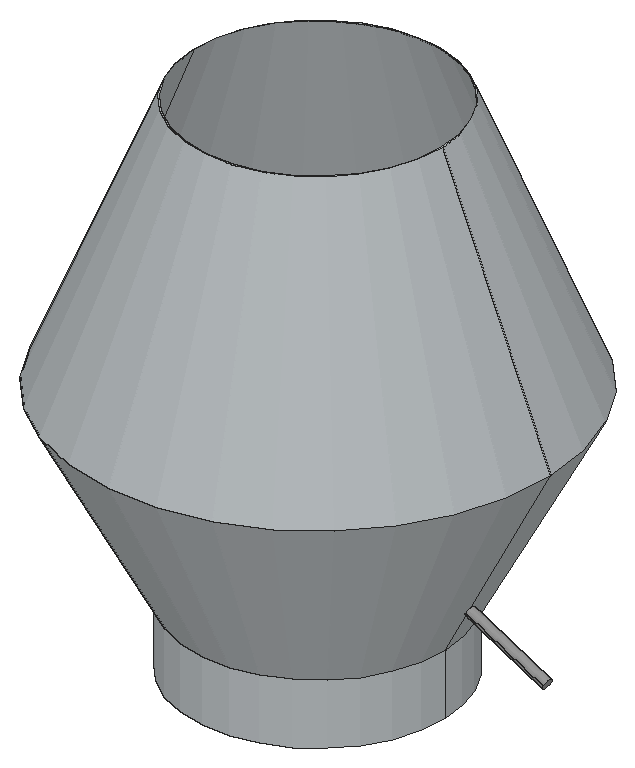
Revit family "NLRS_57_AIR_UN_exhaust-deflektor-hood vdk_LT_velu", category Air Terminals, Revit 2019
Family settings
  Round Connector Dimension = Use Diameter
  Part Type = Normal
  Work Plane-Based = No
  Always vertical = No
  Cut with Voids When Loaded = No
  Shared = No
  Room Calculation Point = No
Parameters (values of type "Deflectorkap")
  VELU_Connector_Max_Offset [instance] = if(SACS_Diameter < 355 mm, 100 mm, if(SACS_Diameter < 710 mm, 150 mm, 200 mm)) - 50 mm  # 100 mm
  VELU_Prijs_Datum [instance] = size_lookup(LT, "Date", "NB", SACS_Diameter)  # "01-02-2022"
  VELU_Foutmelding [instance] = if(not(NLRS_M_c01_diameter = SACS_Diameter), "Niet leverbare kanaalmaat!", " ")  # " "
  VELU_Diameter1 [instance] = SACS_Diameter  # 630 mm
  VELU_Connector_Offset [instance] = 0 mm
  VELU_Bruto_Prijs [instance] = size_lookup(LT, "Product_Cost", 0, SACS_Diameter)  # 892.85
  VELU_Article_Code [instance] = size_lookup(LT, "", "NB", SACS_Diameter)  # "5060002889"
  URL = "https://velu.nl/producten/"
  SACS_Z_Offset [instance] = SACS_Diameter3 / 2  # 12 mm
  SACS_Show_MF [instance] = (SACS_Diameter > 630 mm)  # no
  SACS_Length_Z [instance] = size_lookup(LT, "B", 100 mm, SACS_Diameter) / 4  # 190 mm
  SACS_Internal_Diameter [instance] = SACS_Diameter - 2 mm  # 628 mm
  SACS_Height2 [instance] = SACS_Diameter * 1.75  # 1102.5 mm
  SACS_Height1 [instance] = SACS_Diameter * 0.75  # 472.5 mm
  SACS_Diameter3 [instance] = size_lookup(LT, "E", 100 mm, SACS_Diameter)  # 24 mm
  SACS_Diameter2 [instance] = SACS_Diameter + 75 mm  # 705 mm
  SACS_Diameter [instance] = if(NLRS_M_c01_diameter > 900 mm, 1000 mm, if(NLRS_M_c01_diameter > 800 mm, 900 mm, if(NLRS_M_c01_diameter > 710 mm, 800 mm, if(NLRS_M_c01_diameter > 630 mm, 710 mm, if(NLRS_M_c01_diameter > 560 mm, 630 mm, if(NLRS_M_c01_diameter > 500 mm, 560 mm, if(NLRS_M_c01_diameter > 450 mm, 500 mm, if(NLRS_M_c01_diameter > 400 mm, 450 mm, if(NLRS_M_c01_diameter > 355 mm, 400 mm, if(NLRS_M_c01_diameter > 315 mm, 355 mm, if(NLRS_M_c01_diameter > 300 mm, 315 mm, if(NLRS_M_c01_diameter > 280 mm, 300 mm, if(NLRS_M_c01_diameter > 250 mm, 280 mm, if(NLRS_M_c01_diameter > 224 mm, 250 mm, if(NLRS_M_c01_diameter > 200 mm, 224 mm, if(NLRS_M_c01_diameter > 180 mm, 200 mm, if(NLRS_M_c01_diameter > 160 mm, 180 mm, if(NLRS_M_c01_diameter > 150 mm, 160 mm, if(NLRS_M_c01_diameter > 125 mm, 150 mm, if(NLRS_M_c01_diameter > 100 mm, 125 mm, if(NLRS_M_c01_diameter > 80 mm, 100 mm, 80 mm)))))))))))))))))))))  # 630 mm
  SACS_Connecter_Height_Offset [instance] = if(SACS_Show_MF, 208.4 mm, if(VELU_Connector_Offset < 0 mm, 0 mm, if(VELU_Connector_Offset > VELU_Connector_Max_Offset, VELU_Connector_Max_Offset, VELU_Connector_Offset)))  # 0 mm
  SACS_Angle1 = 90.00° - atan((240 / 2) / (240 / 4))  # 26.5651°
  NLRS_M_c01_diameter [instance] = 630 mm
  NLRS_M_c01_debiet [instance] = 0.0 L/s
  NLRS_C_niveau ontwikkeling = "LOD400"  # constant formula
  NLRS_C_model [instance] = size_lookup(LT, "Model", "NB", SACS_Diameter)  # "VDK 630"
  NLRS_C_description = Description  # "Velu uitblaas deflectorkap, type VDK"
  NLRS_C_content_versie = "3.19.00"  # constant formula
  NLRS_C_content_provider = "Velu Ventliatietechniek BV"  # constant formula
  NLRS_C_content_datum_uitgifte = "25-05-2022"  # constant formula
  NLRS_C_content_creator = "J. Feeke"  # constant formula
  Model = "VDK"  # constant formula
  Manufacturer = "Velu Ventilatietechniek BV"  # constant formula
  LoadBearing = 1 = 0  # no
  LT = "VDK_Data"  # constant formula
  IsExternal = 1 = 1  # yes
  IfcExportType = "Diffuser"  # constant formula
  IfcExportAs = "IfcAirterminal"  # constant formula
  IfcDescription = Description  # "Velu uitblaas deflectorkap, type VDK"
  FireRating = "00"  # constant formula
  Description = "Velu uitblaas deflectorkap, type VDK"  # constant formula
  Assembly Code = "57.00"
Reference planes
  plane 1 "Center (Front/Back)": y = 0
  plane 2: z = 0
  plane 3 "Center (Left/Right)": x = 0
  plane 4 "Dish_top": z = 472.5
  plane 5 "Dish_Bottom": z = 282.5
  plane 6 "VSK_Offset": z = 0
  plane 7 "TOP": z = 1102.5
Forms (mm)
  Extrusion 1, solid, not visible
    sketch origin (0, 0, -85) x (-1, 0, 0) y (0, -1, 0)
      loop
        circle (0, 0) r 1
    from 85 to 367.5
  Extrusion 2, solid, material "VELU_Label", not visible
    sketch origin (-547.644, -297.937, 0) x (1, 0, 0) y (0, 1, 0)
      loop
        arc (544.644, 300.937) -> (541.644, 297.937) -> (544.644, 294.937) r 3
        line (544.644, 294.937) -> (544.644, 297.937) -> (547.644, 294.937) -> (547.644, 297.937) -> (544.644, 300.937)
    from 0 to 2
  Extrusion 3, solid, material "VELU_Label", not visible
    sketch origin (0, 0, 0) x (1, 0, 0) y (0, 1, 0)
      loop
        arc (3, -3) -> (6, 0) -> (3, 3) r 3
        line (3, 3) -> (3, 0) -> (0, 3) -> (0, 0) -> (3, -3)
    from 0 to 2
  Sweep 4, solid, material "NLRS_57_sendzimir verzinkt_gen_sacs", detail levels medium+fine
    path in 3D
      loop
        arc (-314, 0, 0) -> (0, -314, 0) -> (314, 0, 0) r 314
        arc (314, 0, 0) -> (0, 314, 0) -> (-314, 0, 0) r 314
    profile "VDK_outer_Profile : VDK_profile" origin (0, 314, 0) x (0, -1, 0) y (0, 0, 1)
      loop
        line (-67, 472.5) -> (-68, 472.5) -> (313, 281.5) -> (313, 282.5) -> (-67, 472.5)
      loop
        line (0, 0) -> (0, -150) -> (1, -150) -> (1, 0) -> (-256, 472.5) -> (9, 1102.5) -> (8, 1102.5) -> (-257, 472.5) -> (0, 0)
  Extrusion 5, solid, material "PVC, Flexible", detail levels medium+fine
    sketch origin (563.431, 0.098, 12.64) x (0, -1, 0) y (-0.447214, 0, -0.894427)
      loop
        circle (0.098, -0.13) r 12
    from -630 to 0
Lines and regions (mm)
  model lines, not visible
    curve 1: circle (0, 0, 0) r 314 normal (0, 0, 1)
  sketch lines
    curve 2: circle (0, 0, 0) r 314 normal (0, 0, 1)
  reference lines, style "temp"
    curve 3: line (0, 0, 294.5) -> (563.489, 0, 12.755)
Dimensions and locks
  "SACS_Height1": plane 4 "Dish_top" to level
  "SACS_Length_Z": plane 4 "Dish_top" to plane 5 "Dish_Bottom"
  locked: curve 3 to plane 3 "Center (Left/Right)"
  "SACS_Z_Offset": curve 3 to plane 5 "Dish_Bottom"
  "SACS_Diameter": curve 3 to curve 3
  "SACS_Height2": plane 7 "TOP" to level
  "SACS_Connecter_Height_Offset": level to plane 6 "VSK_Offset"
  "SACS_Internal_Diameter": diameter of curve 1
  "SACS_Diameter3": diameter of Extrusion 5 sketch curve
  "SACS_Angle1": angle curve 3 to plane 5 "Dish_Bottom"
  aligned and locked: level to plane 2
  aligned and locked: Extrusion 5 to curve 3  (x2)
  aligned and locked: plane 6 "VSK_Offset" to Extrusion 1
  aligned and locked: plane 3 "Center (Left/Right)" to nested 2
  aligned and locked: nested 2 to Sweep 4
  aligned and locked: plane 5 "Dish_Bottom" to Extrusion 1
Automatic sketch dimensions
  plane 1 "Center (Front/Back)" to Extrusion 1 sketch curve = 0 mm
  Extrusion 1 sketch curve to plane 3 "Center (Left/Right)" = 0 mm
  plane 1 "Center (Front/Back)" to Extrusion 2 sketch curve = 0 mm  (x3)
  Extrusion 2 sketch curve to plane 3 "Center (Left/Right)" = 0 mm
  Extrusion 2 sketch curve to plane 3 "Center (Left/Right)" = 3 mm
  plane 1 "Center (Front/Back)" to Extrusion 2 sketch curve = 3 mm  (x2)
  plane 1 "Center (Front/Back)" to Extrusion 3 sketch curve = 0 mm  (x3)
  Extrusion 3 sketch curve to plane 3 "Center (Left/Right)" = 0 mm
  Extrusion 3 sketch curve to Extrusion 3 sketch curve = 3 mm
  plane 1 "Center (Front/Back)" to Extrusion 3 sketch curve = 3 mm
  Extrusion 3 sketch curve to Extrusion 3 sketch curve = 0 mm
  plane 1 "Center (Front/Back)" to curve 1 = 0 mm
  curve 1 to plane 3 "Center (Left/Right)" = 0 mm
  Extrusion 5 sketch curve to plane 1 "Center (Front/Back)" = 0 mm
  radius of Extrusion 1 sketch curve = 1 mm
Nested families
  nested 1: "Return Arrows" at (0, 0, 1102.5), Face_Width <- "SACS_Diameter2", type "Return Arrows"
    with SACS_Arrow_Start 365 mm, SACS_Arrow_End 515 mm, Face_Width 705 mm, Enabled yes
  nested 2: "Velu_MFL_Complete" at (0, 0, -154.2), visible <- "SACS_Show_MF", type "Velu_MFL_Complete"
    with R1 346.8 mm, External_D 619.6 mm, D 630 mm
Connectors
  hvac at (0, 0, 0), driven by "NLRS_M_c01_diameter", driven by "NLRS_M_c01_debiet"
    settings: on Extrusion 1, index 1, duct flow 0.0 L/s, flow factor 0, pres drop 0.0 Pa, loss coef 0, conn angle 0.00°, conn width 304.8 mm, conn height 304.8 mm, conn diameter 630 mm, duct sys type 3, conn prof type 0, flow config 1, flow direction 1, loss method 0, conn ref index -1, conn util no, is conn primary yes, conn desc ""
Definition of nested family "Velu_MFL_Complete"
  Parameters (values of type "Velu_MFL_Complete")
    x = 15 mm
    R1 = (External_D / 2) + 8.5 mm + L1  # 311.8 mm
    L1 = if(D < 500 mm, 16 mm, if(D < 1000 mm, 26.5 mm, 37 mm)) + 2 mm  # 28.5 mm
    External_D = D - (if(D < 500 mm, 3.4 mm, if(D < 1000 mm, 4.2 mm, 5.2 mm)) * 2) - 2 mm  # 549.6 mm
    D = 560 mm
  Reference planes
    plane 1 "Center (Front/Back)": y = 0
    plane 2: z = 0
    plane 3 "Center (Left/Right)": x = 0
    plane 4: x = 311.8
  Forms (mm)
    Sweep 1, solid
      path in 3D
        loop
          arc (-274.8, 0, 0) -> (0, -274.8, 0) -> (274.8, 0, 0) r 274.8
          arc (274.8, 0, 0) -> (0, 274.8, 0) -> (-274.8, 0, 0) r 274.8
      profile "MFL : VDK_profile" origin (0, 274.8, 0) x (0, -1, 0) y (0, 0, 1)
        loop
          line (-25.984, -4.485) -> (-12.984, -11.679)
          arc (-12.984, -11.679) -> (-11.992, -11.665) -> (-11.5, -10.804) r 1
          line (-11.5, -10.804) -> (-11.5, -4.2) -> (-4.2, -4.2) -> (-4.2, -31)
          arc (-4.2, -31) -> (-3.907, -31.707) -> (-3.2, -32) r 1
          line (-3.2, -32) -> (-1, -32)
          arc (-1, -32) -> (-0.293, -31.707) -> (0, -31) r 1
          line (0, -31) -> (0, -1)
          arc (0, -1) -> (-0.293, -0.293) -> (-1, 0) r 1
          line (-1, 0) -> (-25.5, 0)
          arc (-25.5, 0) -> (-26.207, -0.293) -> (-26.5, -1) r 1
          line (-26.5, -1) -> (-26.5, -3.61)
          arc (-26.5, -3.61) -> (-26.361, -4.118) -> (-25.984, -4.485) r 1
    Sweep 2, solid
      path in 3D
        loop
          arc (-274.8, 0, 0) -> (0, -274.8, 0) -> (274.8, 0, 0) r 274.8
          arc (274.8, 0, 0) -> (0, 274.8, 0) -> (-274.8, 0, 0) r 274.8
      profile "MFL : VDK_profile" origin (0, 274.8, 0) x (0, -1, 0) y (0, 0, 1)
        loop
          arc (-25.984, 4.485) -> (-26.361, 4.118) -> (-26.5, 3.61) r 1
          line (-26.5, 3.61) -> (-26.5, 1)
          arc (-26.5, 1) -> (-26.207, 0.293) -> (-25.5, 0) r 1
          line (-25.5, 0) -> (-1, 0)
          arc (-1, 0) -> (-0.293, 0.293) -> (0, 1) r 1
          line (0, 1) -> (0, 31)
          arc (0, 31) -> (-0.293, 31.707) -> (-1, 32) r 1
          line (-1, 32) -> (-3.2, 32)
          arc (-3.2, 32) -> (-3.907, 31.707) -> (-4.2, 31) r 1
          line (-4.2, 31) -> (-4.2, 4.2) -> (-11.5, 4.2) -> (-11.5, 10.804)
          arc (-11.5, 10.804) -> (-11.992, 11.665) -> (-12.984, 11.679) r 1
          line (-12.984, 11.679) -> (-25.984, 4.485)
    Sweep 3, solid
      path in 3D
        loop
          arc (-274.8, 0, 0) -> (0, -274.8, 0) -> (274.8, 0, 0) r 274.8
          arc (274.8, 0, 0) -> (0, 274.8, 0) -> (-274.8, 0, 0) r 274.8
      profile "MFL_SP : VDK_profile" origin (0, 274.8, 0) x (0, -1, 0) y (0, 0, 1)
        loop
          line (-26.5, 4.2) -> (-11.5, 12.5) -> (-11.5, 13.643) -> (-26.468, 5.36)
          arc (-26.468, 5.36) -> (-27.223, 4.626) -> (-27.5, 3.61) r 2
          line (-27.5, 3.61) -> (-27.5, -3.61)
          arc (-27.5, -3.61) -> (-27.223, -4.626) -> (-26.468, -5.36) r 2
          line (-26.468, -5.36) -> (-11.5, -13.643) -> (-11.5, -12.5) -> (-26.5, -4.2) -> (-26.5, 4.2)
    Extrusion 4, solid
      sketch origin (0, 0, 0) x (1, 0, 0) y (0, 0, 1)
        loop
          circle (311.8, 0) r 9.5
      from -15 to 15
    Sweep 5, solid
      path in 3D
        loop
          arc (311.769, 0, 0) -> (305.149, 59.402, 0) -> (287.316, 116.45, 0) r 311.804
      profile origin (305.149, 59.402, 0) x (-0.978656, -0.205505, 0) y (0, 0, 1)
        loop
          circle (0, 0) r 4
  Lines and regions (mm)
    model lines
      curve 1: circle (0, 0, 0) r 274.8 normal (0, 0, 1)
    sketch lines
      curve 2: circle (0, 0, 0) r 274.8 normal (0, 0, 1)
      curve 3: circle (0, 0, 0) r 274.8 normal (0, 0, 1)
      curve 4: circle (0, 0, 0) r 274.8 normal (0, 0, 1)
      curve 6: arc (311.769, 0, 0) -> (305.149, 59.402, 0) -> (287.316, 116.45, 0) r 311.804
    reference lines
      curve 5: arc (311.769, 0, 0) -> (305.149, 59.402, 0) -> (287.316, 116.45, 0) r 311.804
  Dimensions and locks
    "R1": plane 3 "Center (Left/Right)" to plane 4
    locked: Extrusion 4 to plane 1 "Center (Front/Back)" at 15
    locked: plane 1 "Center (Front/Back)" to Extrusion 4 at 15
    "External_D": diameter of curve 1
    angle curve 5 to curve 5 = 22.00°
    aligned and locked: level to plane 2
    aligned and locked: plane 1 "Center (Front/Back)" to curve 5
  Automatic sketch dimensions
    Extrusion 4 sketch curve to level = 0 mm
    Extrusion 4 sketch curve to plane 4 = 0 mm
    plane 1 "Center (Front/Back)" to curve 5 = 4.675 mm
    curve 5 to plane 3 "Center (Left/Right)" = 0 mm
    curve 5 to plane 4 = 0.031 mm
    Sweep 5 sketch curve to profile plane = 0 mm
    profile plane to Sweep 5 sketch curve = 0 mm
    plane 1 "Center (Front/Back)" to curve 1 = 0 mm
    curve 1 to plane 3 "Center (Left/Right)" = 0 mm
    radius of Extrusion 4 sketch curve = 9.5 mm
    radius of Sweep 5 sketch curve = 4 mm
Definition of nested family "Return Arrows"
  Parameters (values of type "Return Arrows")
    SACS_Arrow_Start [instance] = (Face_Width + 25 mm) / 2  # 297.5 mm
    Face_Width [instance] = 570 mm
    SACS_Arrow_End [instance] = SACS_Arrow_Start + 150 mm  # 447.5 mm
    Enabled [instance] = yes
  Reference planes
    plane 1 "Center (Front/Back)": y = 0
    plane 2: z = 0
    plane 3 "Center (Left/Right)": x = 0
    plane 4: x = 387.5
    plane 5: x = 297.5
    plane 6: x = 447.5
    plane 7: y = -447.5
    plane 8: x = -447.5
    plane 9: y = 447.5
    plane 10: x = -387.5
    plane 11: x = -297.5
    plane 12: y = 387.5
    plane 13: y = 297.5
    plane 14: y = -387.5
    plane 15: y = -297.5
    plane 16: y = 570
    plane 17: x = -570
    plane 18: y = -570
    plane 19: x = 570
    plane 20: x = -285
    plane 21: y = -285
    plane 22: x = 285
    plane 23: y = 285
  Lines and regions (mm)
    Filled region 1, type "Solid Fill - Black", in view "Ref. Level", visible <- "Enabled"
      outline origin (-440.46, 0, 0) x (1, 0, 0) y (0, 1, 0)
        loop
          line (827.96, 30) -> (827.96, -30) -> (887.96, 0) -> (827.96, 30)
    Filled region 2, type "Solid Fill - Black", in view "Ref. Level", visible <- "Enabled"
      outline origin (400.46, 0, 0) x (0, 1, 0) y (-1, 0, 0)
        loop
          line (30, 787.96) -> (0, 847.96) -> (-30, 787.96) -> (30, 787.96)
    Filled region 3, type "Solid Fill - Black", in view "Ref. Level", visible <- "Enabled"
      outline origin (0, -459.449, 0) x (0, 1, 0) y (-1, 0, 0)
        loop
          line (846.949, 30) -> (846.949, -30) -> (906.949, 0) -> (846.949, 30)
    Filled region 4, type "Solid Fill - Black", in view "Ref. Level", visible <- "Enabled"
      outline origin (0, 341.471, 0) x (-1, 0, 0) y (0, -1, 0)
        loop
          line (30, 728.971) -> (0, 788.971) -> (-30, 728.971) -> (30, 728.971)
    detail lines, in view "Ref. Level", visible <- "Enabled"
      curve 1: line (297.5, 0, 0) -> (447.5, 0, 0)
      curve 2: line (-297.5, 0, 0) -> (-447.5, 0, 0)
      curve 3: line (0, 297.5, 0) -> (0, 447.5, 0)
      curve 4: line (0, -297.5, 0) -> (0, -447.5, 0)
    detail lines, in view "Ref. Level", detail levels coarse
      curve 5: line (-285, 285, 0) -> (285, 285, 0)
      curve 6: line (-285, -285, 0) -> (-285, 285, 0)
      curve 7: line (285, -285, 0) -> (-285, -285, 0)
      curve 8: line (285, 285, 0) -> (285, -285, 0)
      curve 9: line (285, 285, 0) -> (-285, -285, 0)
  Dimensions and locks
    "SACS_Arrow_Start": plane 13 to plane 1 "Center (Front/Back)"
    "SACS_Arrow_Start": plane 3 "Center (Left/Right)" to plane 5
    "SACS_Arrow_Start": plane 15 to plane 1 "Center (Front/Back)"
    "SACS_Arrow_Start": plane 11 to plane 3 "Center (Left/Right)"
    "SACS_Arrow_End": plane 8 to plane 3 "Center (Left/Right)"
    "SACS_Arrow_End": plane 3 "Center (Left/Right)" to plane 6
    "SACS_Arrow_End": plane 1 "Center (Front/Back)" to plane 9
    "SACS_Arrow_End": plane 7 to plane 1 "Center (Front/Back)"
    equal spacing: plane 20, plane 3 "Center (Left/Right)", plane 22
    equal spacing: plane 23, plane 1 "Center (Front/Back)", plane 21
    "Face_Width": plane 20 to plane 22
    "Face_Width": plane 23 to plane 21
    locked: plane 8 to plane 10 at 60
    locked: plane 7 to plane 14 at 60
    locked: plane 4 to plane 6 at 60
    locked: plane 9 to plane 12 at 60
    aligned and locked: curve 5 to plane 23
    aligned and locked: curve 8 to plane 22
    aligned and locked: plane 21 to curve 7
  Automatic sketch dimensions
    plane 1 "Center (Front/Back)" to Filled region 1 sketch curve = 0 mm
    plane 5 to Filled region 1 sketch curve = 150 mm
    Filled region 1 sketch curve to plane 4 = 0 mm
    plane 1 "Center (Front/Back)" to Filled region 1 sketch curve = 30 mm
    Filled region 1 sketch curve to plane 1 "Center (Front/Back)" = 30 mm
    Filled region 2 sketch curve to plane 10 = 0 mm
    plane 1 "Center (Front/Back)" to Filled region 2 sketch curve = 0 mm
    plane 11 to Filled region 2 sketch curve = 150 mm
    plane 1 "Center (Front/Back)" to Filled region 2 sketch curve = 30 mm
    Filled region 2 sketch curve to plane 1 "Center (Front/Back)" = 30 mm
    Filled region 3 sketch curve to plane 3 "Center (Left/Right)" = 0 mm
    plane 13 to Filled region 3 sketch curve = 150 mm
    Filled region 3 sketch curve to plane 12 = 0 mm
    plane 3 "Center (Left/Right)" to Filled region 3 sketch curve = 30 mm
    Filled region 3 sketch curve to plane 3 "Center (Left/Right)" = 30 mm
    plane 14 to Filled region 4 sketch curve = 0 mm
    Filled region 4 sketch curve to plane 3 "Center (Left/Right)" = 0 mm
    plane 15 to Filled region 4 sketch curve = 150 mm
    plane 3 "Center (Left/Right)" to Filled region 4 sketch curve = 30 mm
    Filled region 4 sketch curve to plane 3 "Center (Left/Right)" = 30 mm
    plane 1 "Center (Front/Back)" to curve 2 = 0 mm
    curve 2 to plane 8 = 0 mm
    curve 2 to plane 11 = 0 mm
    curve 3 to plane 3 "Center (Left/Right)" = 0 mm
    curve 4 to plane 3 "Center (Left/Right)" = 0 mm
    plane 1 "Center (Front/Back)" to curve 1 = 0 mm
    curve 1 to plane 5 = 0 mm
    curve 1 to plane 6 = 0 mm
    curve 4 to plane 7 = 0 mm
    plane 15 to curve 4 = 0 mm
    curve 3 to plane 13 = 0 mm
    curve 3 to plane 9 = 0 mm
    curve 6 to plane 20 = 0 mm
